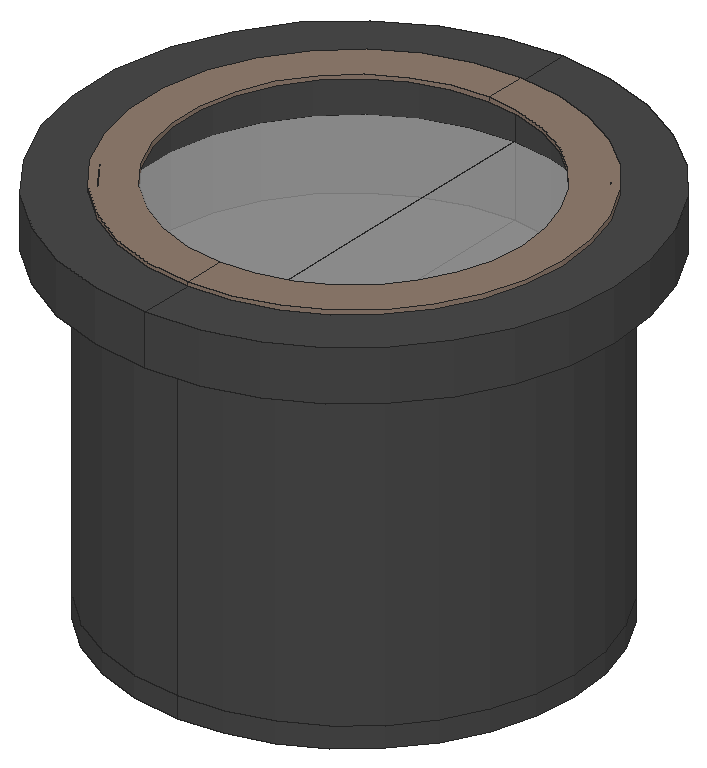
Revit family "LTV8FF", category Lighting Fixtures, host Face, Revit 2014
Parameters (values of type "LTV81FF")
  Wattage Comments = "31W"
  Wattage = 9.2903 W
  built-in parameter 1150110 = 1 (stored number, unit not read)
  Voltage = 120 V
  URL = "https://www.hubbell.com/kimlighting/en/"
  built-in parameter 1114217 = 1 (stored number, unit not read)
  Tilt Angle = -90.00°
  built-in parameter 1150109 = 1 (stored number, unit not read)
  built-in parameter 1150134 = 3
  built-in parameter 1150113 = 1 (stored number, unit not read)
  Radius = Diameter / 2  # 6.500"
  Product Page URL = "https://www.hubbell.com/kimlighting/en/Products/Lighting-Controls/Commercial-Outdoor-Lighting/In-Grade/Lightvault-8-RGBW-Flat-Frame/p/248534"
  Product Documentation Link = "https://hubbellcdn.com/specsheet/kl_ltv81rgbw_spec.pdf"
  Photometric Web File = "LTV81FF-SP-24RGBWUV.ies"
  Nominal Watts = 31 W
  Model = "Lightvault® 8 Flat Frame"  # constant formula
  Material = Plastic - Black
  Manufacturer = "Kim Lighting"  # constant formula
  built-in parameter 1150105 = 109.82 (stored number, unit not read)
  Lumens = 1380 lm
  built-in parameter 1150115 = 1 (stored number, unit not read)
  built-in parameter 1150137 = (empty or 0)
  built-in parameter 1150139 = (empty or 0)
  Lens = White Glass
  built-in parameter 1150112 = 1 (stored number, unit not read)
  built-in parameter 1150114 = 1 (stored number, unit not read)
  Lamp = "LED"
  built-in parameter 1150132 = (empty or 0)
  built-in parameter 1150102 = (empty or 0)
  built-in parameter 1150107 = 3200 (stored number, unit not read)
  built-in parameter 1150138 = (empty or 0)
  built-in parameter 1150106 = 1.0982 (stored number, unit not read)
  IP Rating = "IP68"  # constant formula
  Fixture = LTV8 : LTV81FF
  Finish = Bronze
  Emit from Circle Diameter = 10.000"  # constant formula
  Emit Shape Visible in Rendering = no
  built-in parameter 1150104 = 13.8 (stored number, unit not read)
  Dimming Lamp Color Temperature Shift = <None>
  Diameter = 13.000"
  Description = "In cast bronze or stainless steel trim ring, the luminaire is low profile and ADA approved with a drive over weight of 4,500 lbs."  # constant formula
  Depth = 10.000"
  Default Elevation = 48.000"
  Color Filter = 16777215
  built-in parameter 1114218 = 1 (stored number, unit not read)
  built-in parameter 1150133 = 10 (stored number, unit not read)
  Apparent Load = 31 VA
Types (2): name | Wattage Comments | Radius | Product Documentation Link | Photometric Web File | Fixture | Diameter | Depth | Apparent Load
  LTV81FF | "31W" | 6.500" | "https://hubbellcdn.com/specsheet/kl_ltv81rgbw_spec.pdf" | "LTV81FF-SP-24RGBWUV.ies" | LTV8 : LTV81FF | 13.000" | 10.000" | 31 VA
  LTV82FF | 0.000" | 5.1875" | "https://hubbellcdn.com/specsheet/kl_ltv82rgbw_spec.pdf" | "LTV81FF-NF-24RGBWUV.ies" | LTV8 : LTV82FF | 10.375" | 9.875" | 0 VA
Reference planes (in)
  plane 1 "Center (Front/Back)": y = 0
  plane 2: z = 0
  plane 3 "Center (Left/Right)": x = 0
  plane 4: y = 6.5
  plane 5: y = -6.5
  plane 6: z = -10
  plane 7: z = -9
  plane 8: y = 5
  plane 9: z = -1.25
  plane 10: z = -3
  plane 11: y = -5
  plane 12: y = 4.5
  plane 13: z = -9.5
  plane 14: z = -9.25
  plane 15: y = 5.5
Forms (in)
  Revolve 1, solid, material "Plastic - Black" <- "Material"
    sketch origin (0, 0, 0) x (0, 1, 0) y (0, 0, 1)
      loop
        line (6.5, 0) -> (5, 0) -> (5, -3) -> (0, -3) -> (0, -10) -> (4.5, -10) -> (4.5, -9.5) -> (5.5, -9.5) -> (5.5, -9) -> (5.5, -1.25) -> (6.5, -1.25) -> (6.5, 0)
      axis (0, -10) -> (0, 0)
    angle from 0 to 360
  Revolve 2, solid, material "White Glass" <- "Lens"
    sketch origin (0, 0, 0) x (0, 1, 0) y (0, 0, 1)
      loop
        line (0, -1.25) -> (0, -3) -> (5, -3) -> (5, -1.25) -> (0, -1.25)
      axis (0, -3) -> (0, -1.25)
    angle from 0 to 360
  Extrusion 3, void
    sketch origin (0, 0, 0) x (1, 0, 0) y (0, 1, 0)
      loop
        circle (0, 0) r 6.5
    from -10 to 0
Dimensions and locks (in)
  locked: level to plane 9 at 1.25
  locked: plane 9 to plane 10 at 1.75
  "Depth": level to plane 6
  locked: plane 7 to plane 6 at 1
  equal spacing: plane 5, plane 1 "Center (Front/Back)", plane 4
  "Diameter": plane 5 to plane 4
  locked: plane 5 to plane 11 at 1.5
  locked: plane 8 to plane 4 at 1.5
  locked: plane 12 to plane 8 at 0.5
  locked: plane 13 to plane 6 at 0.5
  locked: plane 14 to plane 13 at 0.25
  locked: plane 8 to plane 15 at 0.5
  "Radius": radius of Extrusion 3 sketch curve
  aligned and locked: plane 2 to host face
  aligned and locked: level to host face
  aligned and locked: Revolve 1 sketch curve to plane 6
  aligned and locked: plane 1 "Center (Front/Back)" to Revolve 1 sketch curve
  aligned and locked: plane 9 to Revolve 1 sketch curve
  aligned and locked: Revolve 1 sketch curve to plane 1 "Center (Front/Back)"
  aligned and locked: plane 12 to Revolve 1 sketch curve
  aligned and locked: plane 13 to Revolve 1 sketch curve
  aligned and locked: plane 15 to Revolve 1 sketch curve
  aligned and locked: Revolve 2 sketch curve to plane 1 "Center (Front/Back)"  (x2)
  aligned and locked: plane 10 to Revolve 2 sketch curve
  aligned and locked: plane 8 to Revolve 2 sketch curve
  aligned and locked: Revolve 1 sketch curve to plane 10
  aligned and locked: level to Extrusion 3
  aligned and locked: Extrusion 3 to plane 6
  aligned and locked: plane 3 "Center (Left/Right)" to Extrusion 3 sketch curve
  aligned and locked: plane 1 "Center (Front/Back)" to nested 1
  aligned and locked: plane 3 "Center (Left/Right)" to nested 1
Automatic sketch dimensions
  host sketch curve to host sketch curve = 96.000"  (x2)
  Revolve 1 sketch curve to plane 8 = 0.000"
  Revolve 1 sketch curve to level = 0.000"
  Revolve 1 sketch curve to plane 4 = 0.000"
  Revolve 1 sketch curve to plane 7 = 0.000"
  Revolve 1 sketch curve to plane 6 = 10.97429"
  level to Revolve 1 sketch curve = 92.27586"
  Revolve 2 sketch curve to plane 9 = 0.000"
  Revolve 2 sketch curve to plane 6 = 14.125"
  level to Revolve 2 sketch curve = 92.27586"
  plane 1 "Center (Front/Back)" to Extrusion 3 sketch curve = 0.000"
Nested families (in)
  nested 1: "LTV8" at (0, 0, 0), type "LTV82FF"
    with Material Plastic - Black, Lens White Glass, Finish Bronze
Connectors (in)
  electrical at (0, 0, 0), driven by "Description"
    settings: index 1, voltage 0 V, apparent load 0 VA, apparent load phase1 0 VA, apparent load phase2 0 VA, apparent load phase3 0 VA, power factor 1, load classification "Other", number of poles 1, system type 30, power factor state 1, is connector primary yes, connector utility no, sub classification motor no, connector description "In cast bronze or stainless steel trim ring, the luminaire is low profile and ADA approved with a drive over weight of 4,500 lbs."
Definition of nested family "LTV8"
  Parameters (values of type "LTV83FF")
    URL = "http://www.kimlighting.com/"
    Product Page URL = ""
    Product Documentation Link = ""
    Material [instance] = Plastic - Black
    Manufacturer Phone = "626/968-5666"  # constant formula
    Manufacturer Fax = "626/968-5716"  # constant formula
    Manufacturer = "Kim Lighting"  # constant formula
    Lens [instance] = White Glass
    Finish [instance] = Bronze
    Diameter = 7.938"
    Depth = 8.250"
  Types (3): name | Diameter | Depth
    LTV81FF | 13.000" | 10.000"
    LTV82FF | 10.375" | 9.875"
    LTV83FF | 7.938" | 8.250"
  Reference planes (in)
    plane 1 "Center (Front/Back)": y = 0
    plane 2: z = 0
    plane 3 "Center (Left/Right)": x = 0
    plane 4: y = 3.969
    plane 5: y = -3.969
    plane 6: x = 0.5
    plane 7: x = -0.5
    plane 8: z = 0.1
    plane 9: y = 2.969
  Forms (in)
    Revolve 1, solid, material "Bronze" <- "Finish"
      sketch origin (0, 0, 0) x (0, 1, 0) y (0, 0, 1)
        loop
          line (2.969, 0.1) -> (2.969, 0) -> (3.969, 0) -> (3.969, 0.1) -> (2.969, 0.1)
        axis (0, 0) -> (0, 0.1)
      angle from 0 to 360
  Dimensions and locks (in)
    equal spacing: plane 4, plane 1 "Center (Front/Back)", plane 5  (x2)
    "Diameter": plane 4 to plane 5
    equal spacing: plane 7, plane 3 "Center (Left/Right)", plane 6
    locked: plane 8 to level at 0.1
    locked: plane 9 to plane 4 at 1
    aligned and locked: plane 2 to level
    aligned and locked: Revolve 1 sketch curve to plane 8
    aligned and locked: level to Revolve 1 sketch curve
    aligned and locked: Revolve 1 sketch curve to plane 1 "Center (Front/Back)"
    aligned and locked: plane 4 to Revolve 1 sketch curve
    aligned and locked: Revolve 1 sketch curve to plane 9
  Automatic sketch dimensions
    Revolve 1 sketch curve to level = 24.000"
    plane 8 to Revolve 1 sketch curve = 92.17586"
